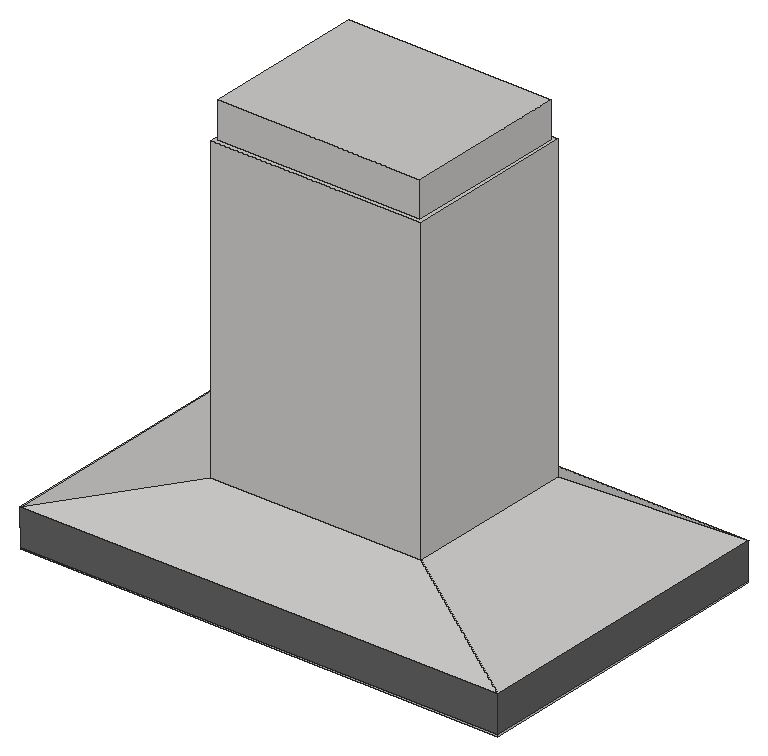
Revit family "P190780JX-160c_JXW8530HS_StainlessSteel_JA_Cooking_Ventilation", category Specialty Equipment, Revit 2026
Family settings
  Round Connector Dimension = Use Diameter
  Part Type = Normal
  Work Plane-Based = No
  Enable Cutting in Views = No
  Always vertical = Yes
  Cut with Voids When Loaded = No
  Maintain Annotation Orientation = No
  Shared = No
  Room Calculation Point = No
Parameters (values of type "JXW8530HS")
  Width = 30"
  Voltage = 0 V
  URL = ""
  Model = "JXW8530HS"
  Feature 3 = "Wall Mount Hood\r\nHotte murale"
  Feature 2 = "Lustre Stainless\r\nAcier inoxydable lustré"
  Feature 1 = "Glass-Touch Controls\r\nCommandes à effleurement sous verre"
  Family Name = "WALL HOODS - 30\""
  Energy Guide = ""
  Manufacturer = "Jenn Air"
  Keynote = ""
  Installation-Fabrication = "http://access.whirlpool.com/mr/getMediaType.do?mediaType=Installation Instruction&sku=JXW8530HS&language=EN\r\nhttp://access.whirlpool.com/mr/getMediaType.do?mediaType=Installation Instruction&sku=JXW8530HS&language=EN"
  Height = 5"
  Drawn By = ""
  Dimension Guide = ""
  Description = "Pyramid Style Canopy Wall Hood, 30”\r\nHotte murale de style pyramidal en acier lustré, 30 po"
  Depth = 19 11/16"
  Default Elevation = 0"
  Copyright = ""
  Body Material = ARCAT - Metal - Steel - Stainless
  Assembly Code = ""
  Amps = 15 A
  Accent Material = ARCAT - Metal - Steel - Gray
Reference planes (in)
  plane 1 "Center (Front/Back)": y = 0
  plane 2: z = 0
  plane 3 "Center (Left/Right)": x = 0
  plane 4: x = -15
  plane 5: x = 15
  plane 6: y = -19.6875
  plane 7: z = 5
Forms (in)
  Extrusion 1, solid, material "ARCAT - Metal - Steel - Stainless" <- "Body Material"
    sketch origin (-1.9375, -3.1, 3.875) x (0, 0, -1) y (-1, 0, 0)
      loop
        circle (1.9375, -4.5625) r 0.25
    from 0 to 0.03125
  Extrusion 2, solid, material "ARCAT - Metal - Steel - Stainless" <- "Body Material"
    sketch origin (65.34541, 0, 5.0625) x (1, 0, 0) y (0, 1, 0)
      loop
        line (-71.93916, -4.46875) -> (-71.93916, -15.21875) -> (-58.75166, -15.21875) -> (-58.75166, -4.46875) -> (-71.93916, -4.46875)
      loop
        line (-71.68916, -4.71875) -> (-71.68916, -14.96875) -> (-59.00166, -14.96875) -> (-59.00166, -4.71875) -> (-71.68916, -4.71875)
    from -0.0625 to 18.9375
  Extrusion 3, solid, material "ARCAT - Metal - Steel - Stainless" <- "Body Material"
    sketch origin (0, 0, 0) x (1, 0, 0) y (0, 1, 0)
      loop
        line (-14, 0) -> (-15, 0) -> (-15, -19.6875) -> (15, -19.6875) -> (15, 0) -> (14, 0) -> (14, -18.6875) -> (-14, -18.6875) -> (-14, 0)
    from 0 to 0.0625
  Extrusion 4, solid, material "ARCAT - Metal - Steel - Gray" <- "Accent Material"
    sketch origin (-1.83203, 1.02344, 0) x (-1, 0, 0) y (0, -1, 0)
      loop
        line (-9.51908, 18.23762) -> (-11.51908, 18.23762) -> (-11.51908, 17.63762) -> (-9.51908, 17.63762) -> (-9.51908, 18.23762)
      loop
        line (5.91752, 18.23762) -> (5.91752, 17.63762) -> (7.91752, 17.63762) -> (7.91752, 18.23762) -> (5.91752, 18.23762)
      loop
        line (5.84721, 18.30793) -> (5.84721, 17.56731) -> (7.98783, 17.56731) -> (7.98783, 18.30793) -> (5.84721, 18.30793)
      loop
        line (-9.44877, 18.30793) -> (-11.5894, 18.30793) -> (-11.5894, 17.56731) -> (-9.44877, 17.56731) -> (-9.44877, 18.30793)
    from 0 to -0.03125
  Extrusion 5, solid, material "ARCAT - Metal - Steel - Stainless" <- "Body Material"
    sketch origin (0, 0, 2.375) x (1, 0, 0) y (0, 1, 0)
      loop
        line (-15, 0) -> (-15, -19.6875) -> (15, -19.6875) -> (15, 0) -> (-15, 0)
    from 0 to -0.25
  Extrusion 6, solid, material "ARCAT - Metal - Steel - Stainless" <- "Body Material"
    sketch origin (0, -0.25, 0) x (0, 1, 0) y (1, 0, 0)
      loop
        line (-14.4375, 14.75) -> (-18.4375, 14.75) -> (-18.4375, -14.75) -> (-14.4375, -14.75) -> (-14.4375, 14.75)
      loop
        line (-3.75, 14.75) -> (-3.75, -14.75) -> (0.25, -14.75) -> (0.25, 14.75) -> (-3.75, 14.75)
    from -0.0625 to -2.125
  Extrusion 7, solid, material "ARCAT - Metal - Steel - Stainless" <- "Body Material"
    sketch origin (65.34541, 0, 13.6875) x (1, 0, 0) y (0, 1, 0)
      loop
        line (-71.68916, -4.71875) -> (-71.68916, -14.96875) -> (-59.00166, -14.96875) -> (-59.00166, -4.71875) -> (-71.68916, -4.71875)
      loop
        line (-71.43916, -14.71875) -> (-59.25166, -14.71875) -> (-59.25166, -4.96875) -> (-71.43916, -4.96875) -> (-71.43916, -14.71875)
    from 10.3125 to 12.3125
  Extrusion 8, solid, material "ARCAT - Metal - Steel - Stainless" <- "Body Material"
    sketch origin (65.34541, 0, 26) x (1, 0, 0) y (0, 1, 0)
      loop
        line (-59.00166, -14.96875) -> (-59.00166, -4.71875) -> (-71.68916, -4.71875) -> (-71.68916, -14.96875) -> (-59.00166, -14.96875)
    from 0 to 0.25
  Extrusion 9, solid, material "ARCAT - Metal - Steel - Stainless" <- "Body Material"
    sketch origin (18.22154, 0, 0.12186) x (-1, 0, 0) y (0, 0, 1)
      loop
        circle (18.22154, 0.8806) r 0.25
    from 0 to 0.03125
  Blend 10, solid, material "ARCAT - Metal - Steel - Stainless" <- "Body Material"
    base sketch origin (0, -20, 2.375) x (1, 0, 0) y (0, 1, 0)
      loop
        line (-15, 0.3125) -> (15, 0.3125) -> (15, 20) -> (-15, 20) -> (-15, 0.3125)
    top sketch origin (0, -20, 2.375) x (1, 0, 0) y (0, 1, 0)
      loop
        line (6.59375, 4.78125) -> (6.59375, 15.53125) -> (-6.59375, 15.53125) -> (-6.59375, 4.78125) -> (6.59375, 4.78125)
    from 0 to 2.625
  Extrusion 11, void
    sketch origin (0, -0.25, 0.0625) x (0, 1, 0) y (-1, 0, 0)
      loop
        line (-16.36418, 7.74955) -> (-16.36418, 9.74955) -> (-16.96418, 9.74955) -> (-16.96418, 7.74955) -> (-16.36418, 7.74955)
      loop
        line (-16.36418, -9.68705) -> (-16.36418, -7.68705) -> (-16.96418, -7.68705) -> (-16.96418, -9.68705) -> (-16.36418, -9.68705)
    from 0 to 0.14678
  Extrusion 12, solid, material "ARCAT - Metal - Steel - Stainless" <- "Body Material"
    sketch origin (0, 0, 0.0625) x (1, 0, 0) y (0, 1, 0)
      loop
        line (-15, -19.6875) -> (15, -19.6875) -> (15, 0) -> (14.75, 0) -> (14.75, -19.4375) -> (-14.75, -19.4375) -> (-14.75, 0) -> (-15, 0) -> (-15, -19.6875)
    from 0 to 2.0625
  Extrusion 13, solid, material "ARCAT - Metal - Steel - Gray" <- "Accent Material"
    sketch origin (0, -0.25, 0.0625) x (-1, 0, 0) y (0, 1, 0)
      loop
        line (13.30078, -13.73828) -> (13.30078, -4.44922) -> (-13.30078, -4.44922) -> (-13.30078, -13.73828) -> (13.30078, -13.73828)
    from 0 to -0.25
  Extrusion 14, solid, material "ARCAT - Metal - Steel - Gray" <- "Accent Material"
    sketch origin (14.75, -19.6875, -0.03125) x (0, 1, 0) y (0, 0, -1)
      loop
        circle (7.38754, -1.1206) r 0.13038
      loop
        circle (14.04996, -1.1206) r 0.13038
    from 0 to 0.03125
  Extrusion 15, solid, material "ARCAT - Metal - Steel - Gray" <- "Accent Material"
    sketch origin (0, 1.75, 2.125) x (0, 1, 0) y (1, 0, 0)
      loop
        line (-13.98828, 7.83002) -> (-13.98828, 8.47042) -> (-14.4375, 8.47042) -> (-14.4375, 7.83002) -> (-13.98828, 7.83002)
      loop
        line (-13.98828, -7.33002) -> (-14.6875, -7.33002) -> (-14.6875, -7.97042) -> (-13.98828, -7.97042) -> (-13.98828, -7.33002)
    from 0 to 0.125
  Extrusion 16, solid, material "ARCAT - Metal - Steel - Gray" <- "Accent Material"
    sketch origin (-14.75, -19.6875, -0.03125) x (0, 1, 0) y (0, 0, 1)
      loop
        circle (7.38754, 1.1206) r 0.13038
      loop
        circle (14.04996, 1.1206) r 0.13038
    from 0 to 0.03125
Cuts and joins
  Extrusion 11 cuts Extrusion 6
  joined: Extrusion 5, Extrusion 6, Extrusion 12
  joined: Extrusion 7, Extrusion 8
Lines and regions (in)
  symbolic lines, style "SpecialityEquipment"
    curve 1: line (-15, 0, 0) -> (15, 0, 0)
    curve 2: line (-15, -19.6875, 0) -> (-15, 0, 0)
    curve 3: line (15, -19.6875, 0) -> (-15, -19.6875, 0)
    curve 4: line (15, 0, 0) -> (15, -19.6875, 0)
    curve 5: line (-6.59375, -4.46875, 26) -> (6.59375, -4.46875, 26)
    curve 6: line (-6.59375, -15.21875, 26) -> (-6.59375, -4.46875, 26)
    curve 7: line (6.59375, -15.21875, 26) -> (-6.59375, -15.21875, 26)
    curve 8: line (6.59375, -4.46875, 26) -> (6.59375, -15.21875, 26)
  model lines, style "Display button"
    curve 9: line (-0.90625, -19.6875, 1.47891) -> (-0.14967, -19.6875, 1.47891)
    curve 10: line (-0.90625, -19.6875, 0.98552) -> (-0.90625, -19.6875, 1.47891)
    curve 11: line (-0.14967, -19.6875, 0.98552) -> (-0.90625, -19.6875, 0.98552)
    curve 12: line (-0.14967, -19.6875, 1.47891) -> (-0.14967, -19.6875, 0.98552)
    curve 13: line (-1.92746, -19.6875, 1.47891) -> (-1.17087, -19.6875, 1.47891)
    curve 14: line (-1.92746, -19.6875, 0.98552) -> (-1.92746, -19.6875, 1.47891)
    curve 15: line (-1.17087, -19.6875, 0.98552) -> (-1.92746, -19.6875, 0.98552)
    curve 16: line (-1.17087, -19.6875, 1.47891) -> (-1.17087, -19.6875, 0.98552)
    curve 17: line (-2.94866, -19.6875, 1.47891) -> (-2.19208, -19.6875, 1.47891)
    curve 18: line (-2.94866, -19.6875, 0.98552) -> (-2.94866, -19.6875, 1.47891)
    curve 19: line (-2.19208, -19.6875, 0.98552) -> (-2.94866, -19.6875, 0.98552)
    curve 20: line (-2.19208, -19.6875, 1.47891) -> (-2.19208, -19.6875, 0.98552)
    curve 21: line (0.90625, -19.6875, 1.47891) -> (0.14967, -19.6875, 1.47891)
    curve 22: line (0.90625, -19.6875, 0.98552) -> (0.90625, -19.6875, 1.47891)
    curve 23: line (0.14967, -19.6875, 0.98552) -> (0.90625, -19.6875, 0.98552)
    curve 24: line (0.14967, -19.6875, 1.47891) -> (0.14967, -19.6875, 0.98552)
    curve 25: line (1.92746, -19.6875, 1.47891) -> (1.17087, -19.6875, 1.47891)
    curve 26: line (1.92746, -19.6875, 0.98552) -> (1.92746, -19.6875, 1.47891)
    curve 27: line (1.17087, -19.6875, 0.98552) -> (1.92746, -19.6875, 0.98552)
    curve 28: line (1.17087, -19.6875, 1.47891) -> (1.17087, -19.6875, 0.98552)
    curve 29: line (2.94866, -19.6875, 1.47891) -> (2.19208, -19.6875, 1.47891)
    curve 30: line (2.94866, -19.6875, 0.98552) -> (2.94866, -19.6875, 1.47891)
    curve 31: line (2.19208, -19.6875, 0.98552) -> (2.94866, -19.6875, 0.98552)
    curve 32: line (2.19208, -19.6875, 1.47891) -> (2.19208, -19.6875, 0.98552)
Dimensions and locks (in)
  "Depth": plane 6 to plane 1 "Center (Front/Back)"
  "Width": plane 4 to plane 5
  equal spacing: plane 4, plane 3 "Center (Left/Right)", plane 5
  "Height": plane 7 to plane 2
  aligned and locked: plane 2 to level
Automatic sketch dimensions
  level to Extrusion 1 sketch curve = 1 15/16"
  plane 3 "Center (Left/Right)" to Extrusion 1 sketch curve = 2 5/8"
  curve 3 to plane 4 = 0"
  curve 3 to plane 5 = 0"
  plane 6 to curve 3 = 0"
  plane 1 "Center (Front/Back)" to curve 2 = 0"
  plane 1 "Center (Front/Back)" to Extrusion 3 sketch curve = 0"  (x2)
  Extrusion 3 sketch curve to plane 4 = 0"
  Extrusion 3 sketch curve to plane 5 = 0"
  plane 6 to Extrusion 3 sketch curve = 0"
  plane 4 to Extrusion 3 sketch curve = 1"
  Extrusion 3 sketch curve to Extrusion 3 sketch curve = 1"
  Extrusion 3 sketch curve to plane 6 = 1"
  Extrusion 4 sketch curve to plane 5 = 5.24264"
  Extrusion 4 sketch curve to Extrusion 4 sketch curve = 9/128"  (x8)
  Extrusion 4 sketch curve to Extrusion 4 sketch curve = 2"  (x2)
  Extrusion 4 sketch curve to plane 6 = 2.40301"  (x2)
  plane 4 to Extrusion 4 sketch curve = 7.32076"
  Extrusion 4 sketch curve to Extrusion 4 sketch curve = 0.6"  (x2)
  Extrusion 5 sketch curve to plane 4 = 0"
  Extrusion 5 sketch curve to plane 5 = 0"
  plane 6 to Extrusion 5 sketch curve = 0"
  plane 1 "Center (Front/Back)" to Extrusion 5 sketch curve = 0"
  plane 1 "Center (Front/Back)" to Extrusion 6 sketch curve = 0"
  Extrusion 6 sketch curve to plane 5 = 1/4"  (x2)
  Extrusion 6 sketch curve to Extrusion 6 sketch curve = 4"
  Extrusion 6 sketch curve to plane 6 = 5"
  plane 4 to Extrusion 6 sketch curve = 1/4"  (x2)
  Extrusion 6 sketch curve to plane 6 = 1"
  Extrusion 8 sketch curve to Extrusion 7 = 0"  (x3)
  Extrusion 7 to Extrusion 8 sketch curve = 0"
  Extrusion 9 sketch curve to plane 3 "Center (Left/Right)" = 0"
  level to Extrusion 9 sketch curve = 1.00246"
  Blend 10 sketch curve to Extrusion 5 = 0"  (x2)
  Extrusion 5 to Blend 10 sketch curve = 0"  (x2)
  Extrusion 6 to Extrusion 11 sketch curve = 1.47332"  (x2)
  Extrusion 11 sketch curve to Extrusion 11 sketch curve = 0.6"  (x2)
  Extrusion 6 to Extrusion 11 sketch curve = 5.06295"
  Extrusion 11 sketch curve to Extrusion 11 sketch curve = 2"  (x2)
  Extrusion 6 to Extrusion 11 sketch curve = 7.00045"
  Extrusion 12 sketch curve to Extrusion 3 = 0"  (x4)
  Extrusion 3 to Extrusion 12 sketch curve = 0"
  Extrusion 12 sketch curve to Extrusion 3 = 1/4"  (x3)
  Extrusion 13 sketch curve to Extrusion 6 = 179/256"  (x2)
  Extrusion 6 to Extrusion 13 sketch curve = 1 115/256"  (x2)
  Extrusion 12 to Extrusion 14 sketch curve = 1.02685"  (x2)
  Extrusion 12 to Extrusion 14 sketch curve = 7.13754"
  Extrusion 14 sketch curve to Extrusion 12 = 5.63754"
  Extrusion 5 to Extrusion 15 sketch curve = 6 3/4"
  Extrusion 5 to Extrusion 15 sketch curve = 7"
  Extrusion 15 sketch curve to Extrusion 15 sketch curve = 115/256"
  Extrusion 15 sketch curve to Extrusion 15 sketch curve = 179/256"
  Extrusion 5 to Extrusion 15 sketch curve = 6.52958"
  Extrusion 15 sketch curve to Extrusion 15 sketch curve = 0.6404"  (x2)
  Extrusion 5 to Extrusion 15 sketch curve = 7.66998"
  level to Extrusion 16 sketch curve = 1.08935"  (x2)
  Extrusion 16 sketch curve to plane 6 = 7.38754"
  plane 1 "Center (Front/Back)" to Extrusion 16 sketch curve = 5.63754"
  Extrusion 2 sketch curve to plane 3 "Center (Left/Right)" = 6 19/32"
  Extrusion 2 sketch curve to plane 5 = 8 13/32"
  Extrusion 2 sketch curve to plane 6 = 4 15/32"
  Extrusion 2 sketch curve to plane 6 = 15 7/32"
  Extrusion 2 sketch curve to Extrusion 2 sketch curve = 1/4"  (x4)
  Extrusion 7 sketch curve to plane 3 "Center (Left/Right)" = 6 11/32"
  Extrusion 7 sketch curve to Extrusion 7 sketch curve = 1/4"  (x4)
  plane 3 "Center (Left/Right)" to Extrusion 7 sketch curve = 6 3/32"
  Extrusion 7 sketch curve to plane 6 = 4 23/32"
  plane 1 "Center (Front/Back)" to Extrusion 7 sketch curve = 4 31/32"
  Blend 10 sketch curve to Extrusion 5 = 8 13/32"  (x2)
  Blend 10 sketch curve to Extrusion 5 = 4 15/32"  (x2)
  curve 17 to Extrusion 3 = 1.41641"
  Extrusion 3 to curve 17 = 12.05134"
  curve 18 to curve 20 = 0.75658"
  curve 17 to curve 13 = 0.26462"
  curve 13 to curve 13 = 0.75658"
  curve 13 to curve 10 = 0.26462"
  curve 9 to curve 12 = 0.75658"
  curve 9 to curve 24 = 0.29933"
  curve 23 to curve 23 = 0.75658"
  curve 21 to curve 25 = 0.26462"
  curve 27 to curve 27 = 0.75658"
  curve 26 to curve 32 = 0.26462"
  curve 31 to curve 31 = 0.75658"
  curve 21 to Extrusion 3 = 1.41641"
  curve 31 to Extrusion 3 = 0.92302"
  curve 20 to curve 17 = 0.49339"
  curve 22 to curve 21 = 0.49339"
  curve 16 to Extrusion 3 = 0.92302"
  curve 26 to curve 31 = 0"
  curve 12 to curve 23 = 0"
  curve 15 to curve 16 = 0.49339"
  curve 26 to curve 25 = 0.49339"
  curve 11 to curve 12 = 0.49339"
  curve 30 to curve 29 = 0.49339"
  Extrusion 7 to curve 7 = 1/4"  (x3)
  Extrusion 7 to curve 6 = 1/4"
  radius of Extrusion 1 sketch curve = 1/4"
  radius of Extrusion 9 sketch curve = 1/4"
  radius of Extrusion 14 sketch curve = 0.13038"  (x2)
  radius of Extrusion 16 sketch curve = 0.13038"  (x2)
Nested families (in)
  nested 1: "Jenn Air Logo Plan" at (0, -16.6875, 0), type "Jenn Air Logo Plan"
Connectors (in)
  electrical at (0, 0.03125, 1.00246), driven by "Voltage"
    settings: on Extrusion 9, index 1, voltage 0 V, apparent load 0 VA, apparent load phase1 0 VA, apparent load phase2 0 VA, apparent load phase3 0 VA, power factor 1, load classification "Other", number of poles 1, system type 30, power factor state 1, is connector primary yes, connector utility no, sub classification motor no, connector description "Electrical Connection"
Definition of nested family "Jenn Air Logo Plan"
  Parameters (values of type "Jenn Air Logo Plan")
    Logo Material = none
    Default Elevation = 0"
  Reference planes (in)
    plane 1 "Center (Front/Back)": y = 0
    plane 2: z = 0
    plane 3 "Center (Left/Right)": x = 0
  Forms (in)
    Blend 1, solid, material <- "Logo Material"
      base sketch origin (-0.08356, 0.0625, 0) x (1, 0, 0) y (0, 1, 0)
        loop
          arc (0.02489, -0.57039) -> (0.05225, -0.57583) -> (0.06775, -0.55264) r 0.0251
          line (0.06775, -0.55264) -> (0.06775, -0.33378)
          arc (0.06775, -0.33378) -> (0.08904, -0.31248) -> (0.11034, -0.33378) r 0.0213
          line (0.11034, -0.33378) -> (0.11034, -0.91594)
          arc (0.11034, -0.91594) -> (0.12847, -0.94282) -> (0.16018, -0.93608) r 0.02899
          line (0.16018, -0.93608) -> (0.39157, -0.69647)
          arc (0.39157, -0.69647) -> (0.41329, -0.66302) -> (0.4209, -0.62388) r 0.1045
          line (0.4209, -0.62388) -> (0.4209, -0.14513)
          arc (0.4209, -0.14513) -> (0.39669, -0.0867) -> (0.33826, -0.0625) r 0.08263
          line (0.33826, -0.0625) -> (-0.17115, -0.0625)
          arc (-0.17115, -0.0625) -> (-0.22734, -0.08578) -> (-0.25062, -0.14197) r 0.07947
          line (-0.25062, -0.14197) -> (-0.25062, -0.25362)
          arc (-0.25062, -0.25362) -> (-0.24304, -0.29174) -> (-0.22144, -0.32405) r 0.09961
          line (-0.22144, -0.32405) -> (0.02489, -0.57039)
      top sketch origin (-0.08356, 0.0625, 0) x (1, 0, 0) y (0, 1, 0)
        loop
          line (0.12994, -0.32432) -> (0.12994, -0.82221)
          arc (0.12994, -0.82221) -> (0.14418, -0.84435) -> (0.17024, -0.84058) r 0.02433
          line (0.17024, -0.84058) -> (0.3674, -0.66918)
          arc (0.3674, -0.66918) -> (0.3893, -0.63986) -> (0.39707, -0.60409) r 0.08625
          line (0.39707, -0.60409) -> (0.39707, -0.13782)
          arc (0.39707, -0.13782) -> (0.37938, -0.09511) -> (0.33667, -0.07742) r 0.0604
          line (0.33667, -0.07742) -> (-0.18298, -0.07742)
          arc (-0.18298, -0.07742) -> (-0.21726, -0.09162) -> (-0.23146, -0.12591) r 0.04849
          line (-0.23146, -0.12591) -> (-0.23146, -0.24703)
          arc (-0.23146, -0.24703) -> (-0.22551, -0.27447) -> (-0.20871, -0.29696) r 0.06617
          line (-0.20871, -0.29696) -> (-0.00152, -0.47707)
          arc (-0.00152, -0.47707) -> (0.02729, -0.48124) -> (0.04304, -0.45676) r 0.02691
          line (0.04304, -0.45676) -> (0.04304, -0.32432)
          arc (0.04304, -0.32432) -> (0.08649, -0.28087) -> (0.12994, -0.32432) r 0.04345
      from 0 to -0.03125
  Dimensions and locks (in)
    aligned and locked: plane 2 to level
